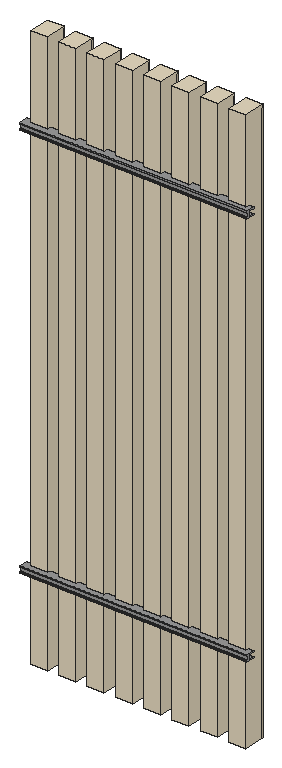
Revit family "HOB_GEN_Noosa_Standard_Instance", category Generic Models, Revit 2026
Family settings
  Can host rebar = No
  Round Connector Dimension = Use Diameter
  Part Type = Normal
  Work Plane-Based = No
  Always vertical = Yes
  Cut with Voids When Loaded = No
  Maintain Annotation Orientation = No
  Shared = Yes
  Room Calculation Point = No
Parameters (values of type "Torquay_W400xH1860")
  Width [instance] = 400 mm
  URL = "https://houseofbamboo.com.au/"
  TotalCost [instance] = (N. PanelsHorizontal * N.PanelsVertical) * PanelCost  # 300
  Support Rail Material = HOB_Black
  SideOffset = 25 mm
  RailTopOffset = 150 mm
  RailSupportHeight [instance] = 700 mm
  RailBottomOffset = 150 mm
  PanelCost = 300  # constant formula
  NumberOfRails [instance] = roundup((Length - (RailBottomOffset + RailTopOffset)) / 1000 mm) + 1  # 2
  NumberOfBattens [instance] = roundup((Width - 2 * SideOffset) / BattenSpacing) + 1  # 8
  N.PanelsVertical [instance] = roundup(Length / MaxHeight)  # 1
  N. PanelsHorizontal [instance] = roundup(Width / MaxWidth)  # 1
  Model = "Torquay"
  MaxWidth = 400 mm  # constant formula
  MaxHeight = 1800 mm  # constant formula
  Manufacturer = "HOB"
  Length [instance] = 1000 mm
  Description = "The Torquay design features smaller square bamboo slats that are mounted more closely together – just 8 mm apart."
  Default Elevation = 0 mm
  Cost = 286
  BattensBottomOffset = 0 mm
  BattensTopOffset = 0 mm
  BattensLength [instance] = Length - (BattensTopOffset + BattensBottomOffset)  # 1000 mm
  Battens Material = Bamboo_horizontalGrain
  BattenWidth = 20 mm
  BattenSpacing = 50 mm  # constant formula
  BattenDepth = 20 mm
  BambooVolume [instance] = ((BattenDepth * BattenWidth) * BattensLength) * NumberOfBattens  # 0.0032 m³
Types (5, lengths in mm): name | Width | URL | TotalCost | SideOffset | RailTopOffset | RailSupportHeight | RailBottomOffset | NumberOfRails | NumberOfBattens | N.PanelsVertical | Length | BattensBottomOffset | BattensTopOffset | BattensLength | Battens Material | BattenWidth | BattenDepth | BambooVolume
  Torquay_W400xH1860 | 400 | "https://houseofbamboo.com.au/" | 300 | 25 | 150 | 700 | 150 | 2 | 8 | 1 | 1000 | 0 | 0 | 1000 | Bamboo_horizontalGrain | 20 | 20 | 0.0032 m³
  Torquay_W392xH2100-R | 392 | "https://houseofbamboo.com.au" | 600 | 6.945 | 106 | 1560 | 107.211 | 3 | 9 | 2 | 2200 | 30.16 | 29.404 | 2140.436 | HOB_Natural Oak | 0 | 0 | 0.00 m³
  Torquay_W392xH1800-R | 392 | "https://houseofbamboo.com.au/" | 300 | 6.945 | 106 | 1560 | 107.211 | 3 | 9 | 1 | 1800 | 30.16 | 29.404 | 1740.436 | HOB_Natural Oak | 0 | 0 | 0.00 m³
  Torquay_W392xH2400-R | 392 | "https://houseofbamboo.com.au/" | 600 | 6.945 | 106 | 1560 | 107.211 | 4 | 9 | 2 | 2400 | 30.16 | 29.404 | 2340.436 | HOB_Natural Oak | 0 | 0 | 0.00 m³
  Torquay_W392xH2500 | 392 | "\"https://houseofbamboo.com.au/\"" | 600 | 6.945 | 106 | 1560 | 107.211 | 4 | 9 | 2 | 2500 | 30.16 | 29.404 | 2440.436 | HOB_Natural Oak | 0 | 0 | 0.00 m³
Reference planes
  plane 1 "Center (Front/Back)": y = 0
  plane 2: z = 0
  plane 3 "Center (Left/Right)": x = 0
  plane 4: z = 1000
  plane 5: z = 150
  plane 6: z = 850
  plane 7: x = -200
  plane 8: x = 200
  plane 9: z = 850
  plane 10: x = -175
  plane 11: x = 175
  plane 12: z = 0
  plane 13: z = 1000
  plane 14: x = -125
Dimensions and locks
  "Length": plane 4 to plane 2
  "RailTopOffset": plane 4 to plane 6
  "RailBottomOffset": plane 5 to level
  equal spacing: plane 8, plane 3 "Center (Left/Right)", plane 7
  "Width": plane 8 to plane 7
  "RailSupportHeight": plane 6 to plane 5
  group 2 to group 3 = 0 mm  (x2)
  group 2 to group 3 = 700 mm
  "SideOffset": plane 7 to plane 10
  "SideOffset": plane 11 to plane 8
  "BattensBottomOffset": plane 12 to plane 2
  "BattensTopOffset": plane 4 to plane 13
  plane 7 to nested 3 to nested 3 = 10 mm, 30 mm
  equal spacing: group 4, group 5, group 6, group 7, group 8, group 9, group 10, group 11  (x2)
  equal spacing: group 11, group 10, group 9, group 8, group 7, group 6, group 5, group 4
  nested 3 to nested 4 = 20 mm
  plane 7 to plane 8 = 400 mm
  nested 3 to plane 14 to nested 5 to nested 6 to nested 7 to nested 8 to nested 9 = 50 mm, 50 mm, 50 mm, 50 mm, 50 mm, 50 mm
  "BattenSpacing": plane 10 to plane 14
  nested 10 to plane 8 = 10 mm
  aligned and locked: level to plane 2
  aligned and locked: plane 5 to nested 1
  aligned and locked: nested 1 to plane 7
  aligned and locked: plane 9 to plane 6
  aligned and locked: plane 9 to nested 2
  aligned and locked: plane 10 to nested 3
  aligned and locked: nested 2 to plane 7
  aligned and locked: nested 3 to plane 12
  aligned and locked: plane 12 to nested 3
  aligned and locked: plane 1 "Center (Front/Back)" to nested 3
  aligned and locked: plane 14 to nested 4
  aligned and locked: nested 10 to plane 12
Nested families
  nested 1: "HOB_SupportChannel" at (-200, 0, 150), suport length <- "Width", type "HOB_SupportChannel"
    with suport length 400 mm
  nested 2: "HOB_SupportChannel" at (-200, 0, 850), suport length <- "Width", type "HOB_SupportChannel"
    with suport length 400 mm
  nested 3: "HOB_Slat" at (-175, 19, 0), Length <- "BattensLength", type "HOB_30X38_Slat"
    with Length 1000 mm, Bamboo Volume 0.00114 m³
  nested 4: "HOB_Slat" at (-125, 19, 0), Length <- "BattensLength", type "HOB_30X38_Slat"
    with Length 1000 mm, Bamboo Volume 0.00114 m³
  nested 5: "HOB_Slat" at (-75, 19, 0), Length <- "BattensLength", type "HOB_30X38_Slat"
    with Length 1000 mm, Bamboo Volume 0.00114 m³
  nested 6: "HOB_Slat" at (-25, 19, 0), Length <- "BattensLength", type "HOB_30X38_Slat"
    with Length 1000 mm, Bamboo Volume 0.00114 m³
  nested 7: "HOB_Slat" at (25, 19, 0), Length <- "BattensLength", type "HOB_30X38_Slat"
    with Length 1000 mm, Bamboo Volume 0.00114 m³
  nested 8: "HOB_Slat" at (75, 19, 0), Length <- "BattensLength", type "HOB_30X38_Slat"
    with Length 1000 mm, Bamboo Volume 0.00114 m³
  nested 9: "HOB_Slat" at (125, 19, 0), Length <- "BattensLength", type "HOB_30X38_Slat"
    with Length 1000 mm, Bamboo Volume 0.00114 m³
  nested 10: "HOB_Slat" at (175, 19, 0), Length <- "BattensLength", type "HOB_30X38_Slat"
    with Length 1000 mm, Bamboo Volume 0.00114 m³
Definition of nested family "HOB_SupportChannel"
  Parameters (values of type "HOB_SupportChannel")
    suport length [instance] = 1328.353 mm
    Default Elevation = 0 mm
    ChannelMaterial = none
  Reference planes
    plane 1 "Center (Front/Back)": y = 0
    plane 2: z = 0
    plane 3 "Center (Left/Right)": x = 0
    plane 4: x = 1328.353
  Forms (mm)
    Extrusion 1, solid, material <- "ChannelMaterial"
      sketch origin (0, 0, 0) x (0, 1, 0) y (0, 0, 1)
        loop
          line (-10, -6) -> (5, -6) -> (5, -4) -> (-5.5, -4) -> (-5.5, 4) -> (5, 4) -> (5, 6) -> (-10, 6) -> (-10, 4) -> (-7.5, 4) -> (-7.5, -4) -> (-10, -4) -> (-10, -6)
      from 0 to 1328.353
  Dimensions and locks
    "suport length": plane 3 "Center (Left/Right)" to plane 4
    aligned and locked: level to plane 2
    aligned and locked: plane 4 to Extrusion 1
    aligned and locked: Extrusion 1 to plane 3 "Center (Left/Right)"
  Automatic sketch dimensions
    plane 1 "Center (Front/Back)" to Extrusion 1 sketch curve = 10 mm
    Extrusion 1 sketch curve to Extrusion 1 sketch curve = 0 mm  (x2)
    Extrusion 1 sketch curve to Extrusion 1 sketch curve = 2.5 mm
    Extrusion 1 sketch curve to Extrusion 1 sketch curve = 2 mm  (x3)
    Extrusion 1 sketch curve to plane 1 "Center (Front/Back)" = 5 mm  (x2)
    Extrusion 1 sketch curve to level = 6 mm
    level to Extrusion 1 sketch curve = 4 mm  (x2)
Definition of nested family "HOB_Slat"
  Parameters (values of type "HOB_20X20_Slat")
    URL = "https://houseofbamboo.com.au/?srsltid=AfmBOopKvmLmijiXSDxFseqwisUoSKTFilojyS4sN3lgOhkDU0dI4o05"
    Type Comments = "20x20 mm Laminated Bamboo Batten"
    Manufacturer = "House Of Bamboo"
    Length [instance] = 871.114 mm
    Default Elevation = 0 mm
    BattenWidth = 20 mm
    BattenMAterial = none
    BattenDepth = 20 mm
    Bamboo Volume [instance] = (BattenDepth * BattenWidth) * Length  # 0.000348445 m³
  Types (2, lengths in mm): name | BattenWidth | BattenDepth | Bamboo Volume
    HOB_20X20_Slat | 20 | 20 | 0.000348445 m³
    HOB_30X38_Slat | 30 | 38 | 0.00099307 m³
  Reference planes
    plane 1 "Center (Front/Back)": y = 0
    plane 2: z = 0
    plane 3 "Center (Left/Right)": x = 0
    plane 4: x = -10
    plane 5: x = 10
    plane 6: y = 10
    plane 7: y = -10
    plane 8: z = 871.114
  Forms (mm)
    Extrusion 1, solid, material <- "BattenMAterial"
      sketch origin (0, 0, 0) x (1, 0, 0) y (0, 1, 0)
        loop
          line (-10, -10) -> (10, -10) -> (10, 8)
          arc (10, 8) -> (9.414, 9.414) -> (8, 10) r 2
          line (8, 10) -> (-8, 10)
          arc (-8, 10) -> (-9.414, 9.414) -> (-10, 8) r 2
          line (-10, 8) -> (-10, -10)
      from 0 to 871.114
  Dimensions and locks
    equal spacing: plane 7, plane 1 "Center (Front/Back)", plane 6
    equal spacing: plane 4, plane 3 "Center (Left/Right)", plane 5
    "BattenWidth": plane 4 to plane 5
    "BattenDepth": plane 6 to plane 7
    "Length": plane 8 to plane 2
    aligned and locked: level to plane 2
    aligned and locked: Extrusion 1 sketch curve to plane 7
    aligned and locked: Extrusion 1 sketch curve to plane 4
    aligned and locked: Extrusion 1 sketch curve to plane 6
    aligned and locked: Extrusion 1 sketch curve to plane 5
    aligned and locked: plane 8 to Extrusion 1
  Automatic sketch dimensions
    plane 4 to Extrusion 1 sketch curve = 2 mm
    Extrusion 1 sketch curve to Extrusion 1 sketch curve = 2 mm
